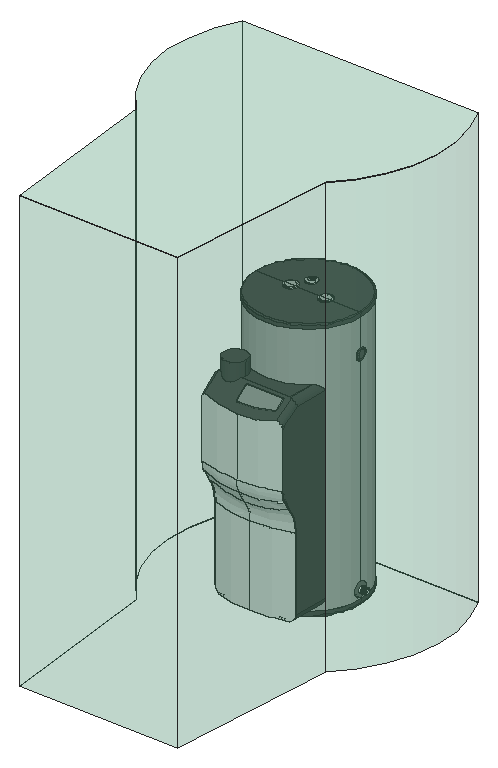
Revit family "Innovo  BENL_IR 32 380 BENL NAT", category Mechanical Equipment, Revit 2015
Parameters (values of type "IR-32-380 BENL NAT")
  Werkruimte Radius = Diameter + 170 mm  # 780 mm
  Werkruimte Hoogte = Hoogte + 1000 mm  # 2545 mm
  Werkruimte Afstand Voor = 1000 mm
  Werkruimte [instance] = yes
  Voorzorgsmaatregelen tijdens montage, installatie of onderhoud = "zie Gebruikers, Installatie, Service en Onderhouds handleiding"  # constant formula
  Voltage = 230 V  # constant formula
  Verpakkingslengte = 946 mm  # constant formula
  Verpakkingshoogte = 1695 mm
  Verpakkingsbreedte = 786 mm  # constant formula
  Uitsluitend werkend in daluren = no
  Uitschakeldruk LDS < = "210"
  Type aanduiding = "IR-32-245"
  Transportgewicht = 136 kg
  Totaal Gewicht = 381 kg
  Stilstandsverlies - dagelijks (24u) = 0 W
  Stilstandsverlies = 0 W
  Standaard Afgesteld op = "G20/G25"
  Stand Regelthermostaat = 65 °C  # constant formula
  Soort Verpakking = "Karton en Hout"  # constant formula
  Slimme controlefunctie = no
  Setpoint thermostaat = 65 °C  # constant formula
  Seizoens Rendement (Hs) = [Rendement (Hs, vlgs. NEN-EN 89 - 1999)]  # 95
  Rendement (Hs, vlgs. NEN-EN 89 - 1999) = 95
  Rendement (Hi, vlgs. NEN-EN 89 - 1999) = 106
  Produktspecificaties Link = ""
  Produkthandleiding Link = ""
  Produkt Model Nummer (EAN-nummer) = "8717449286255"
  Onderhoudsinterval = "12 maanden"  # constant formula
  Nominale Belasting (Onderwaarde) = "29000.0/24100.0"
  Nominale Belasting (Bovenwaarde) = "32200.0/26800.0"
  Nominaal Vermogen = "30700.0/25600.0"
  NOx-uitstoot mg/kWh = "37.0/27.0"
  NOx-uitstoot (lucht vrij, 0% O2) ppm = "24.0/17.0"
  Min. Stand Regelthermostaat = 40 °C  # constant formula
  Max. Werkdruk = 800000.0 Pa
  Max. Stand Regelthermostaat = 85 °C  # constant formula
  Max. Rookgastemperatuur = 65 °C
  Ledig Gewicht = 120 kg
  Kraan Hoogte 02 = if(and(Hoogte = 1745 mm, Diameter = 675 mm), 1518 mm, if(and(Hoogte = 1745 mm, Diameter = 610 mm), 1534 mm, if(Hoogte = 1545 mm, 1328 mm, 1070 mm)))  # 1328 mm
  Kraan Hoogte 01 = if(and(Diameter > 560 mm), 693 mm, 604 mm)  # 693 mm
  URL = "www.aosmith.be"
  Tapcapaciteit bij ΔT = 70°C  na 90 min. = 710.0 L
  Tapcapaciteit bij ΔT = 70°C  na 60 min. = 520.0 L
  Tapcapaciteit bij ΔT = 70°C  na 30 min. = 330.0 L
  Tapcapaciteit bij ΔT = 70°C  na 120 min. = 900.0 L
  Tapcapaciteit bij ΔT = 55°C  na 90 min. = 930.0 L
  Tapcapaciteit bij ΔT = 55°C  na 60 min. = 690.0 L
  Tapcapaciteit bij ΔT = 55°C  na 30 min. = 440.0 L
  Tapcapaciteit bij ΔT = 55°C  na 120 min. = 1200.0 L
  Tapcapaciteit bij ΔT = 50°C  na 90 min. = 1100.0 L
  Tapcapaciteit bij ΔT = 50°C  na 60 min. = 760.0 L
  Tapcapaciteit bij ΔT = 50°C  na 30 min. = 500.0 L
  Tapcapaciteit bij ΔT = 50°C na 120 min. = 1300.0 L
  Tapcapaciteit bij ΔT = 44°C na 120 min. = 1200.0 L
  Tapcapaciteit bij ΔT = 44°C  na 90 min. = 870.0 L
  Tapcapaciteit bij ΔT = 44°C  na 60 min. = 570.0 L
  Tapcapaciteit bij ΔT = 44°C  na 30 min. = 1500.0 L
  Tapcapaciteit bij ΔT = 28°C na 90 min. = 1900.0 L
  Tapcapaciteit bij ΔT = 28°C na 60 min. = 1400.0 L
  Tapcapaciteit bij ΔT = 28°C na 30 min. = 930.0 L
  Tapcapaciteit bij ΔT = 28°C na 120 min. = 2400.0 L
  Tapcapaciteit Continu bij ΔT = 70°C = 380.0 L/s
  Tapcapaciteit Continu bij ΔT = 55°C = 480.0 L/s
  Tapcapaciteit Continu bij ΔT = 50°C = 530.0 L/s
  Tapcapaciteit Continu bij ΔT = 44°C = 600.0 L/s
  Tapcapaciteit Continu bij ΔT = 28°C = 960.0 L/s
  Opwarmtijd bij ΔT = 70°C = "31"
  Opwarmtijd bij ΔT = 55°C = "24"
  Opwarmtijd bij ΔT = 50°C = "22"
  Opwarmtijd bij ΔT = 44°C = "20"
  Opwarmtijd bij ΔT = 28°C = "13"
  Model = "IR-32-325 BENL NAT"
  Manufacturer = "A.O. Smith Water Products Company b.v."  # constant formula
  Length = 780 mm  # constant formula
  Jaarlijks elektriciteitsverbruik (2) = "-"
  Jaarlijks elektriciteitsverbruik (1) = "44 kWh"
  Jaarlijks brandstofverbruik (2) = "-"
  Jaarlijks brandstofverbruik (1) = "21 GJ GCV"
  Isolatiedikte = 44 mm
  Installatie Typen = "B23/C13/C33/C43/C53/C63"  # constant formula
  Inhoud = 245.0 L
  Hoogte Warm Water Uitlaat = 1545 mm
  Hoogte Rookgasafvoer = 1345 mm
  Hoogte Lucht Inlaat = 1345 mm
  Hoogte Koud Water Inlaat = 170 mm
  Hoogte Gas Aansluiting = 920 mm
  Hoogte = 1545 mm
  Handelsmerk = "A.O. Smith"  # constant formula
  Geluidsniveau dB (A) = "<45"  # constant formula
  Geluidsniveau binnen = "58 dB"
  Gasverbruik - Volume ltr/hr = "3.10/3.00"
  Gasverbruik - Massa kg/h = "n.v.t."
  Gascategorie = "I2E(S)B"  # constant formula
  Gas Voordruk = "2000/2500 Pa"
  Gas Aansluiting = 15"  # constant formula
  Garrantie op Tank = "36 maanden"  # constant formula
  Garrantie op Onderdelen = "12 maanden"  # constant formula
  Frequentie = 50 Hz  # constant formula
  Fase = 1
  Fabrikantnummer = "E 7110"  # constant formula
  Energie-efficiëntieklasse voor waterverwarming (2) = "-"
  Energie-efficiëntieklasse voor waterverwarming (1) = "A"  # constant formula
  Energie-efficiëntie voor waterverwarming (2) = "-"
  Energie-efficiëntie voor waterverwarming (1) = "92%"
  Elektrisch Vermogen (piek) = 105 W
  Elektrisch Vermogen (nominaal) = 85 W
  Diameter Schoorsteen - parallel systeem = "2x80"  # constant formula
  Diameter Schoorsteen - concentrisch systeem = "80/125 mm/mm"  # constant formula
  Diameter Schoorsteen - boiler = "80/125 mm/mm"  # constant formula
  Diameter = 610 mm
  Description = "Condenserende Hoog Rendementsboiler"  # constant formula
  Created By = "http://www.cadcompany.nl/"
  Capaciteitsprofiel = "XXL"
  CO2-uitstoot (tol. +/- 1.0) vol% = "9.3/7.5"
  CE-PIN = "0063CQ3037"  # constant formula
  Breedte = Diameter  # 610 mm
  Bestemming / Land = "BelgIë"  # constant formula
  BIM Content Developer = "CAD & Company"  # constant formula
  Assembly Code = "D3010"
  Ander capaciteitsprofiel = "-"
  Aansluiting Warm Water = 1"
  Aansluiting T&P = 1"
  Aansluiting Koud Water = 3/4"  # constant formula
  Aansluiting Condensafvoer = 40 mm  # constant formula
  Aansluiting Aftapkraan = 3/4"  # constant formula
  2e Onderhoud (algeheel onderhoud) = "12 maanden na installatie"  # constant formula
  1e Onderhoud (check-up) = "3 maanden na installatie"  # constant formula
Reference planes
  plane 1 "Center (Front/Back)": y = 0
  plane 2: z = 0
  plane 3 "Center (Left/Right)": x = 0
  plane 4 "Pipe": through (-383.901, 912.349, 194.799) normal (-0.0879, -0.0879, 0.9923)
  plane 5 "footing": y = 118.925
  plane 6 "footing front": y = -237.85
  plane 7: x = -305
  plane 8: x = 305
  plane 9: z = 1545
Forms (mm)
  Revolve 1, solid, material "RAL 9005", detail levels medium+fine
    sketch origin (0, -237.85, 0) x (-1, 0, 0) y (0, 0, 1)
      loop
        line (0, 28.9) -> (-15, 28.9) -> (-15, 26.4) -> (-8.671, 26.4) -> (-8.671, 18) -> (-5.686, 18) -> (-6.626, 17.06) -> (-6.626, 12.06) -> (-8.671, 12.06) -> (-8.671, 10) -> (-10.031, 10) -> (-23.271, 5.181)
        arc (-23.271, 5.181) -> (-23.763, 4.836) -> (-24.017, 4.293) r 1.159
        line (-24.017, 4.293) -> (-24.017, 1.03)
        arc (-24.017, 1.03) -> (-23.715, 0.302) -> (-22.986, 0) r 1.03
        line (-22.986, 0) -> (0, 0) -> (0, 28.9)
      axis (0, 28.9) -> (0, 0)
    angle from 0 to 360
  Revolve 2, solid, material "RAL 9005", detail levels medium+fine
    sketch origin (0, 118.925, 0) x (-1, 0, 0) y (0, 0, 1)
      loop
        line (-205.984, 28.9) -> (-220.984, 28.9) -> (-220.984, 26.4) -> (-214.655, 26.4) -> (-214.655, 18) -> (-211.67, 18) -> (-212.61, 17.06) -> (-212.61, 12.06) -> (-214.655, 12.06) -> (-214.655, 10) -> (-216.015, 10) -> (-229.256, 5.181)
        arc (-229.256, 5.181) -> (-229.747, 4.836) -> (-230.001, 4.293) r 1.159
        line (-230.001, 4.293) -> (-230.001, 1.03)
        arc (-230.001, 1.03) -> (-229.699, 0.302) -> (-228.971, 0) r 1.03
        line (-228.971, 0) -> (-205.984, 0) -> (-205.984, 28.9)
      axis (-205.984, 28.9) -> (-205.984, 0)
    angle from 0 to 360
  Revolve 3, solid, material "RAL 9005", detail levels medium+fine
    sketch origin (0, 118.925, 0) x (-1, 0, 0) y (0, 0, 1)
      loop
        line (204.016, 28.9) -> (189.016, 28.9) -> (189.016, 26.4) -> (195.345, 26.4) -> (195.345, 18) -> (198.33, 18) -> (197.39, 17.06) -> (197.39, 12.06) -> (195.345, 12.06) -> (195.345, 10) -> (193.985, 10) -> (180.744, 5.181)
        arc (180.744, 5.181) -> (180.253, 4.836) -> (179.999, 4.293) r 1.159
        line (179.999, 4.293) -> (179.999, 1.03)
        arc (179.999, 1.03) -> (180.301, 0.302) -> (181.029, 0) r 1.03
        line (181.029, 0) -> (204.016, 0) -> (204.016, 28.9)
      axis (204.016, 28.9) -> (204.016, 0)
    angle from 0 to 360
Lines and regions (mm)
  symbolic lines
    curve 1: line (0, 280.06, 0) -> (0, -280.06, 0)
    curve 2: line (-280.06, 0, 0) -> (280.06, 0, 0)
  symbolic lines, style "Workspace"
    curve 3: line (681.142, 380.06, 0) -> (-681.142, 380.06, 0)
    curve 4: arc (-681.142, 380.06, 0) -> (-777.325, -64.546, 0) -> (-609.127, -487.2, 0) r 780
    curve 5: line (-609.127, -487.2, 0) -> (-421.783, -1517.825, 0)
    curve 6: line (-421.783, -1517.825, 0) -> (424.03, -1517.825, 0)
    curve 7: line (424.03, -1517.825, 0) -> (611.027, -484.816, 0)
    curve 8: arc (611.027, -484.816, 0) -> (777.449, -63.027, 0) -> (681.142, 380.06, 0) r 780
Dimensions and locks
  plane 5 "footing" to plane 1 "Center (Front/Back)" = 118.925 mm
  plane 1 "Center (Front/Back)" to plane 6 "footing front" = 237.85 mm
  "Diameter": plane 7 to plane 8
  equal spacing: plane 7, plane 3 "Center (Left/Right)", plane 8
  "Hoogte": plane 9 to plane 2
  "Werkruimte Afstand Voor": curve 6 to nested 3
  "Werkruimte Radius": radius of curve 4
  "Werkruimte Radius": radius of curve 8
  aligned and locked: level to plane 2
  aligned and locked: nested 3 to Revolve 1 sketch curve
  aligned and locked: plane 3 "Center (Left/Right)" to Revolve 1 sketch curve
  aligned and locked: nested 3 to plane 1 "Center (Front/Back)"
  aligned and locked: plane 3 "Center (Left/Right)" to nested 3
  aligned and locked: nested 1 to plane 8
  aligned and locked: nested 5 to plane 8
  aligned and locked: nested 2 to plane 7
  aligned and locked: nested 4 to plane 7
  aligned and locked: nested 7 to plane 7
  aligned and locked: nested 8 to plane 3 "Center (Left/Right)"
  aligned and locked: nested 8 to nested 3
  aligned and locked: curve 3 to nested 8
Automatic sketch dimensions
  Revolve 1 sketch curve to level = 0 mm
  plane 3 "Center (Left/Right)" to Revolve 1 sketch curve = 5.686 mm
  Revolve 1 sketch curve to Revolve 1 sketch curve = 0.94 mm  (x2)
  Revolve 1 sketch curve to Revolve 1 sketch curve = 2.046 mm  (x2)
  Revolve 1 sketch curve to Revolve 1 sketch curve = 1.359 mm
  Revolve 1 sketch curve to Revolve 1 sketch curve = 6.329 mm
  level to Revolve 1 sketch curve = 4.091 mm
  Revolve 1 sketch curve to Revolve 1 sketch curve = 12.844 mm
  level to Revolve 1 sketch curve = 1.03 mm
  Revolve 1 sketch curve to Revolve 1 sketch curve = 0.111 mm
  level to Revolve 1 sketch curve = 5.181 mm
  Revolve 1 sketch curve to Revolve 1 sketch curve = 0.745 mm
  level to Revolve 1 sketch curve = 10 mm
  Revolve 1 sketch curve to Revolve 1 sketch curve = 2.06 mm
  Revolve 1 sketch curve to Revolve 1 sketch curve = 5 mm
  Revolve 1 sketch curve to Revolve 1 sketch curve = 8.4 mm
  Revolve 1 sketch curve to Revolve 1 sketch curve = 2.5 mm
  Revolve 1 sketch curve to level = 19.635 mm
  Revolve 1 sketch curve to Revolve 1 sketch curve = 46.465 mm
  Revolve 2 sketch curve to level = 0 mm
  level to Revolve 2 sketch curve = 1.03 mm
  Revolve 2 sketch curve to plane 8 = 74.999 mm
  level to Revolve 2 sketch curve = 5.181 mm
  Revolve 2 sketch curve to Revolve 2 sketch curve = 0.745 mm
  Revolve 2 sketch curve to Revolve 2 sketch curve = 0.397 mm
  Revolve 2 sketch curve to Revolve 2 sketch curve = 8.271 mm
  Revolve 2 sketch curve to Revolve 2 sketch curve = 13.241 mm
  Revolve 2 sketch curve to Revolve 2 sketch curve = 1.359 mm
  Revolve 2 sketch curve to Revolve 2 sketch curve = 6.329 mm
  Revolve 2 sketch curve to Revolve 2 sketch curve = 2.046 mm
  level to Revolve 2 sketch curve = 18 mm
  Revolve 2 sketch curve to Revolve 2 sketch curve = 0.94 mm  (x2)
  Revolve 2 sketch curve to Revolve 2 sketch curve = 8.671 mm
  Revolve 2 sketch curve to Revolve 2 sketch curve = 1.089 mm
  Revolve 2 sketch curve to Revolve 2 sketch curve = 8 mm
  Revolve 2 sketch curve to Revolve 2 sketch curve = 2.06 mm
  Revolve 2 sketch curve to Revolve 2 sketch curve = 8.4 mm
  Revolve 2 sketch curve to Revolve 2 sketch curve = 2.5 mm
  Revolve 2 sketch curve to Revolve 2 sketch curve = 0 mm
  Revolve 2 sketch curve to level = 19.635 mm
  Revolve 2 sketch curve to Revolve 2 sketch curve = 46.465 mm
  Revolve 3 sketch curve to level = 0 mm
  level to Revolve 3 sketch curve = 1.03 mm
  Revolve 3 sketch curve to plane 7 = 125.001 mm
  level to Revolve 3 sketch curve = 5.181 mm
  Revolve 3 sketch curve to Revolve 3 sketch curve = 0.745 mm
  Revolve 3 sketch curve to Revolve 3 sketch curve = 0.397 mm
  Revolve 3 sketch curve to Revolve 3 sketch curve = 8.271 mm
  Revolve 3 sketch curve to Revolve 3 sketch curve = 13.241 mm
  Revolve 3 sketch curve to Revolve 3 sketch curve = 1.359 mm
  Revolve 3 sketch curve to Revolve 3 sketch curve = 6.329 mm
  Revolve 3 sketch curve to Revolve 3 sketch curve = 2.046 mm
  level to Revolve 3 sketch curve = 18 mm
  Revolve 3 sketch curve to Revolve 3 sketch curve = 0.94 mm  (x2)
  Revolve 3 sketch curve to Revolve 3 sketch curve = 8.671 mm
  Revolve 3 sketch curve to Revolve 3 sketch curve = 1.089 mm
  Revolve 3 sketch curve to Revolve 3 sketch curve = 8 mm
  Revolve 3 sketch curve to Revolve 3 sketch curve = 2.06 mm
  Revolve 3 sketch curve to Revolve 3 sketch curve = 8.4 mm
  Revolve 3 sketch curve to Revolve 3 sketch curve = 2.5 mm
  Revolve 3 sketch curve to Revolve 3 sketch curve = 0 mm
  Revolve 3 sketch curve to level = 19.635 mm
  Revolve 3 sketch curve to Revolve 3 sketch curve = 46.465 mm
  curve 4 to curve 8 = 0 mm  (x2)
  plane 1 "Center (Front/Back)" to curve 2 = 0 mm
  curve 1 to plane 3 "Center (Left/Right)" = 0 mm
  plane 1 "Center (Front/Back)" to curve 4 = 0 mm
  curve 4 to plane 3 "Center (Left/Right)" = 0 mm
  curve 5 to plane 6 "footing front" = 249.35 mm
  plane 7 to curve 5 = 116.783 mm
  plane 8 to curve 7 = 119.03 mm
  curve 7 to plane 6 "footing front" = 246.966 mm
  curve 2 to plane 7 = 24.94 mm
  curve 2 to plane 8 = 24.94 mm
  curve 1 to plane 6 "footing front" = 42.21 mm
  plane 5 "footing" to curve 1 = 161.135 mm
Nested families
  nested 1: "Valve" at (305, -0.38, 1328) x (0, 1, 0) z (0, 0, 1), built-in parameter 1001364 <- "Kraan Hoogte 02", type "Valve"
  nested 2: "Drain Valve" at (-305, 0, 1328), built-in parameter 1001364 <- "Kraan Hoogte 02", type "Drain Valve"
  nested 3: "Housing Mother Housing S 57 (external)" at (0, -299.886, 0), type "Housing Mother_Housing S_57"
    with radius 305 mm, distance to boiler center 154 mm, diameter 610 mm
  nested 4: "Drain Valve" at (-305, 0, 177), type "Drain Valve"
  nested 5: "Drain Valve" at (305, 0, 107) x (-1, 0, 0) z (0, 0, 1), type "Drain Valve"
  nested 6: "Boiler" at (0, 0, 0), height <- "Hoogte", type "Boiler"
    with height 1545 mm, radius 305 mm, Diameter 610 mm
  nested 7: "Drain Valve" at (-305, 0, 693), built-in parameter 1001364 <- "Kraan Hoogte 01", type "Drain Valve"
  nested 8: "Innovo_workspace" at (0, 0, 0), Workspace <- "Werkruimte", Workspace Distance Front <- "Werkruimte Afstand Voor", Workspace Height <- "Werkruimte Hoogte", Workspace Radius <- "Werkruimte Radius", type "Workspace"
    with Workspace Radius 780 mm, Workspace Height 2545 mm, Workspace Distance Front 1000 mm, Workspace yes, Center to Front 517.825 mm
Connectors
  piping at (339.826, 0, 107), diameter 19.05, driven by "Aansluiting Aftapkraan"
    settings: on nested 5, index 1, connector inside diameter 24", connector length 0 mm, flow factor 0, pipe flow 0.0 L/s, pressure drop 0.0 Pa, fitting loss kfactor 0, connector angle 0.00°, fixture units 0, engagement length 0 mm, angle of deflection 0.00°, flow configuration 0, flow direction 0, fitting loss method 0, system type 19, joint type 0, gender type 0, connector reference index -1, connector utility 0, adjustable connector no, is connector primary yes, connector description ""
  hvac at (-147.013, -346.326, 1310.674)
    settings: on nested 3, index 2, duct flow 0.0 L/s, flow factor 0, pres drop 0.0 Pa, loss coef 0, conn angle 0.00°, conn width 304.8 mm, conn height 304.8 mm, conn diameter 125 mm, duct sys type 4, conn prof type 0, flow config 0, flow direction 0, loss method 0, conn ref index -1, conn util no, is conn primary yes, conn desc ""
Definition of nested family "Valve"
  Parameters (values of type "Valve")
    Type Comments = "T&P valve (internal)"
    Manufacturer = "A.O. Smith"
  Reference planes
    plane 1 "Center (Front/Back)": y = 0
    plane 2: z = 0
    plane 3 "Center (Left/Right)": x = 0
  Forms (mm)
    Extrusion 1, solid, detail levels fine
      sketch origin (0, 0, 0) x (1, 0, 0) y (0, 0, 1)
        loop
          circle (0, 0) r 31.5
      from -2.271 to 1.4
    Sweep 2, solid, detail levels fine
      path origin (0, -1.4, 0) x (1, 0, 0) y (0, 0, 1)
        loop
          circle (0, 0) r 31.5
      profile origin (0, -1.4, 31.5) x (0, 0, -1) y (0, -1, 0)
        loop
          line (7.3, 0) -> (7.3, 3) -> (0, 0) -> (7.3, 0)
  Dimensions and locks
    aligned and locked: level to plane 2
Definition of nested family "Drain Valve"
  Reference planes
    plane 1 "Center (Front/Back)": y = 0
    plane 2: z = 0
    plane 3 "Center (Left/Right)": x = 0
  Forms (mm)
    Revolve 1, solid, detail levels medium+fine
      sketch origin (0, 0, 0) x (1, 0, 0) y (0, 0, 1)
        loop
          line (-33.442, 15.696) -> (-34.826, 14.329) -> (-34.93, 12.731) -> (-16.555, 12.731) -> (-16.555, 0) -> (15.787, 0) -> (15.787, 18.3) -> (-14.4, 18.3) -> (-17.148, 15.533) -> (-18.729, 16.697) -> (-20.091, 15.333) -> (-21.672, 16.496) -> (-23.034, 15.133) -> (-24.614, 16.296) -> (-25.976, 14.932) -> (-27.557, 16.096) -> (-28.919, 14.732) -> (-30.5, 15.896) -> (-31.862, 14.532) -> (-33.442, 15.696)
        axis (-34.93, 0) -> (15.787, 0)
      angle from 0 to 360
  Dimensions and locks
    aligned and locked: level to plane 2
  Nested families
    nested 1: "Rubber sealing" at (2.592, -0.155, 0) x (0.0023, -1, 0) z (0, 0, 1), type "Rubber sealing", detail levels fine
  Definition of nested family "Rubber sealing"
    Reference planes
      plane 1 "Center (Front/Back)": y = 0
      plane 2: z = 0
      plane 3 "Center (Left/Right)": x = 0
    Forms (mm)
      Extrusion 1, solid, detail levels fine
        sketch origin (141.861, 319.581, 0) x (1, 0, 0) y (0, 1, 0)
          loop
            line (-216.354, -311.898) -> (-216.354, -313.94)
            arc (-216.354, -313.94) -> (-141.602, -321.581) -> (-66.861, -313.835) r 366.966
            line (-66.861, -313.835) -> (-66.861, -311.791)
            arc (-66.861, -311.791) -> (-141.602, -319.581) -> (-216.354, -311.898) r 364.966
        from -80 to 80
      Extrusion 2, void
        sketch origin (141.861, 319.581, 0) x (1, 0, 0) y (0, 0, 1)
          loop
            circle (-141.861, 0) r 13
          loop
            circle (-141.861, 0) r 110
          loop
            circle (-141.861, 0) r 40
        from 311.563 to 332.684
      Extrusion 3, void
        sketch origin (141.861, 319.581, 0) x (1, 0, 0) y (0, 0, 1)
          loop
            circle (-141.861, 0) r 18.25
        from 315.524 to 326.084
    Cuts and joins
      Extrusion 2, Extrusion 3 cuts Extrusion 1
    Dimensions and locks
      aligned and locked: level to plane 2
Definition of nested family "Housing Mother Housing S 57 (external)"
  Parameters (values of type "Housing Mother_Housing S_57")
    radius [instance] = 280 mm
    distance to boiler center = if(diameter = 675 mm, 189 mm, if(diameter = 610 mm, 154 mm, 129 mm))  # 129 mm
    diameter = 560 mm
  Reference planes
    plane 1 "Center (Front/Back)": y = 0
    plane 2: z = 0
    plane 3 "Center (Left/Right)": x = 0
    plane 4 "left": through (-245.286, 145.886, 1200) normal (0.9994, 0.0349, 0)
    plane 5: y = -217.939
    plane 6: y = 145.886
    plane 7: z = 1232.6
    plane 8: z = 65.89
    plane 9 "right": through (245.286, 145.886, 1200) normal (0.9994, -0.0349, 0)
    plane 10 "display": through (0, -90.37, 1221.196) normal (0, -0.5736, 0.8192)
    plane 11 "Potentiostat": z = 867.899
    plane 12 "boiler center": y = 274.886
    plane 13: x = -280
    plane 14: x = 280
  Forms (mm)
    Extrusion 1, solid
      sketch origin (0, 0, 0) x (1, 0, 0) y (0, 1, 0)
        loop
          line (-245.286, 145.886) -> (-232.581, -217.939) -> (232.581, -217.939) -> (245.286, 145.886)
          arc (245.286, 145.886) -> (0, 0.923) -> (-245.286, 145.886) r 280
      from 0 to 1232.6
    Sweep 2, void
      path origin (0, 0, 0) x (0, 1, 0) y (0, 0, 1)
        loop
          line (-217.939, 1232.6) -> (-217.939, 795.555)
          arc (-217.939, 795.555) -> (-212.387, 754.285) -> (-197.694, 715.322) r 183.924
          arc (-197.694, 715.322) -> (-179.915, 684.628) -> (-159.106, 655.901) r 348.284
          arc (-159.106, 655.901) -> (-131.411, 600.328) -> (-121.88, 538.973) r 202.254
          line (-121.88, 538.973) -> (-121.88, 61.106)
      profile origin (0, -217.939, 1014.077) x (1, 0, 0) y (0, 1, 0)
        loop
          arc (0, 0) -> (-117.533, 9.941) -> (-231.728, 39.475) r 699.984
          arc (-231.728, 39.475) -> (-233.391, 40.705) -> (-234.07, 42.659) r 3.505
          line (-234.07, 42.659) -> (-254.062, 42.659) -> (-254.062, -142.593) -> (254.07, -142.593) -> (254.07, 42.659) -> (234.07, 42.659)
          arc (234.07, 42.659) -> (233.391, 40.705) -> (231.728, 39.475) r 3.505
          arc (231.728, 39.475) -> (117.533, 9.941) -> (0, 0) r 699.984
    Extrusion 3, void
      sketch origin (0, 0, 0) x (0, 1, 0) y (0, 0, 1)
        loop
          arc (102.864, 70.869) -> (99.804, 70.709) -> (96.874, 69.813) r 12.57
          arc (96.874, 69.813) -> (87.878, 66.533) -> (78.516, 64.529) r 69.114
          arc (78.516, 64.529) -> (76.41, 64.284) -> (74.294, 64.148) r 41.206
          arc (74.294, 64.148) -> (65.203, 64.335) -> (56.122, 64.782) r 318.661
          arc (56.122, 64.782) -> (30.585, 66.179) -> (5.028, 67.128) r 1456.581
          line (5.028, 67.128) -> (-84.534, 73.135)
          arc (-84.534, 73.135) -> (-86.363, 73.808) -> (-87.536, 75.365) r 3.455
          line (-87.536, 75.365) -> (-264.473, 75.365) -> (-264.473, 0) -> (160.886, 0) -> (160.886, 103.945) -> (145.886, 103.945)
          arc (145.886, 103.945) -> (145.104, 97.827) -> (142.923, 92.059) r 26.364
          arc (142.923, 92.059) -> (141.067, 88.936) -> (138.867, 86.045) r 31.715
          arc (138.867, 86.045) -> (135.576, 82.49) -> (132.021, 79.2) r 62.615
          arc (132.021, 79.2) -> (125.841, 74.697) -> (119.091, 71.103) r 54.444
          arc (119.091, 71.103) -> (116.371, 70.272) -> (113.531, 70.123) r 11.669
          line (113.531, 70.123) -> (102.864, 70.869)
      from -254.062 to 254.07
    Sweep 4, void
      path origin (0, 0, 0) x (1, 0, 0) y (0, 1, 0)
        loop
          line (-245.286, 145.886) -> (-232.581, -217.939)
      profile origin (-238.933, -36.027, 0) x (0.999391, 0.034899, 0) y (0, 0, 1)
        loop
          line (-4.454, 0) -> (47.084, 0) -> (47.084, 73.431)
          arc (47.084, 73.431) -> (14.222, 85.134) -> (0.255, 117.1) r 43.922
          line (0.255, 117.1) -> (-4.454, 117.1) -> (-4.454, 0)
    Sweep 5, void
      path origin (0, 0, 0) x (-1, 0, 0) y (0, 1, 0)
        loop
          line (-245.286, 145.886) -> (-232.581, -217.939)
      profile origin (238.933, -36.027, 0) x (0.999391, -0.034899, 0) y (0, 0, 1)
        loop
          line (4.454, 0) -> (4.454, 117.1) -> (-0.255, 117.1)
          arc (-0.255, 117.1) -> (-14.222, 85.134) -> (-47.084, 73.431) r 43.922
          line (-47.084, 73.431) -> (-47.084, 0) -> (4.454, 0)
    Sweep 6, void
      path origin (-239.899, -8.377, 0) x (-0.034899, 0.999391, 0) y (0, 0, 1)
        loop
          line (-209.69, 1141.272) -> (-79.18, 1232.6) -> (154.358, 1232.6)
      profile origin (-241.211, 29.188, 1232.6) x (0, 0, 1) y (0.999391, 0.034899, 0)
        loop
          line (-45, -30) -> (75, -30) -> (75, 0) -> (75, 55) -> (2.799, 55) -> (-1.253, 35.128)
          arc (-1.253, 35.128) -> (-16.771, 9.564) -> (-45, -0.308) r 44.287
          line (-45, -0.308) -> (-45, -30)
    Sweep 7, void
      path origin (239.899, -8.377, 0) x (0.034899, 0.999391, 0) y (0, 0, 1)
        loop
          line (-209.69, 1141.272) -> (-79.18, 1232.6) -> (154.358, 1232.6)
      profile origin (241.211, 29.188, 1232.6) x (0, 0, -1) y (-0.999391, 0.034899, 0)
        loop
          line (-75, -25) -> (45, -25) -> (45, -0.308)
          arc (45, -0.308) -> (16.771, 9.564) -> (1.253, 35.128) r 44.287
          line (1.253, 35.128) -> (-2.799, 55) -> (-75, 55) -> (-75, -25)
    Extrusion 8, void
      sketch origin (0, 0, 0) x (0, 1, 0) y (0, 0, 1)
        loop
          line (-270, 1336.099) -> (-270, 1099.081) -> (68.497, 1336.099) -> (-270, 1336.099)
      from -425.038 to 444.42
    Extrusion 9, solid, detail levels medium+fine
      sketch origin (0, 0, 0) x (1, 0, 0) y (0, 1, 0)
        loop
          circle (-147.013, -46.44) r 65
      from 1163.174 to 1310.674
    Extrusion 10, void
      sketch origin (0, -603.506, 861.895) x (0, 0.819152, 0.573576) y (-1, 0, 0)
        loop
          arc (618.322, -173) -> (623.272, -170.95) -> (625.322, -166) r 7
          line (625.322, -166) -> (625.322, 35)
          arc (625.322, 35) -> (623.272, 39.95) -> (618.322, 42) r 7
          line (618.322, 42) -> (535.473, 42)
          arc (535.473, 42) -> (530.688, 40.11) -> (528.488, 35.46) r 7
          arc (528.488, 35.46) -> (531.569, -67.592) -> (554.18, -168.18) r 540
          arc (554.18, -168.18) -> (556.724, -171.668) -> (560.831, -173) r 7
          line (560.831, -173) -> (618.322, -173)
      from 0 to 137.286
    Sweep 11, solid, detail levels fine
      path origin (0, 0, 867.899) x (-1, 0, 0) y (0, -1, 0)
        loop
          line (309.749, -35.617) -> (204.371, -35.617)
          arc (204.371, -35.617) -> (196.509, -34.687) -> (189.082, -31.947) r 33.677
          line (189.082, -31.947) -> (-9.574, 69.274)
      profile origin (-257.06, 35.617, 867.899) x (0, 1, 0) y (0, 0, 1)
        loop
          circle (0, 0) r 7.316
        loop
          circle (0, 0) r 6.465
    Revolve 12, void
      sketch origin (0, 274.886, 0) x (-1, 0, 0) y (0, 0, 1)
        loop
          line (280, 1243.838) -> (0, 1243.838) -> (0, 54.9) -> (280, 54.9) -> (280, 1243.838)
        axis (0, 1243.838) -> (0, 54.9)
      angle from 0 to 360
  Cuts and joins
    Sweep 2, Extrusion 3, Sweep 4, Sweep 5, Sweep 6, Sweep 7, Extrusion 8, Extrusion 10, Revolve 12 cuts Extrusion 1
  Dimensions and locks
    plane 8 to plane 2 = 65.89 mm
    plane 7 to plane 8 = 1166.71 mm
    "distance to boiler center": plane 12 "boiler center" to plane 6
    "diameter": plane 14 to plane 13
    equal spacing: plane 14, plane 3 "Center (Left/Right)", plane 13
    "radius": plane 3 "Center (Left/Right)" to plane 13
    aligned and locked: level to plane 2
    aligned and locked: Extrusion 1 to plane 7
    aligned and locked: Extrusion 1 sketch curve to plane 5
    aligned and locked: Sweep 2 to Extrusion 3
    aligned and locked: Extrusion 3 to Sweep 2  (x2)
    aligned and locked: plane 7 to Sweep 2 sketch curve
    aligned and locked: plane 3 "Center (Left/Right)" to Revolve 12 sketch curve
    aligned and locked: Revolve 12 sketch curve to plane 3 "Center (Left/Right)"
    aligned and locked: plane 13 to Revolve 12 sketch curve
  Automatic sketch dimensions
    Extrusion 1 sketch curve to plane 4 "left" = 0 mm  (x2)
    Extrusion 1 sketch curve to plane 6 = 0 mm  (x2)
    Extrusion 1 sketch curve to plane 3 "Center (Left/Right)" = 0 mm
    Extrusion 1 sketch curve to plane 9 "right" = 0 mm
    plane 6 to Extrusion 1 sketch curve = 135.037 mm
    Sweep 2 sketch curve to plane 5 = 0 mm
    plane 5 to Sweep 2 sketch curve = 106.195 mm
    Sweep 2 sketch curve to plane 5 = 96.059 mm
    plane 1 "Center (Front/Back)" to Sweep 2 sketch curve = 34.053 mm
    plane 11 "Potentiostat" to Sweep 2 sketch curve = 6.417 mm
    Sweep 2 sketch curve to plane 6 = 33.705 mm
    Sweep 2 sketch curve to plane 11 "Potentiostat" = 68.615 mm
    Sweep 2 sketch curve to plane 11 "Potentiostat" = 72.345 mm
    Sweep 2 sketch curve to Sweep 2 sketch curve = 176.349 mm
    Sweep 2 sketch curve to Sweep 2 sketch curve = 0 mm  (x2)
    plane 8 to Sweep 2 sketch curve = 4.784 mm
    Extrusion 3 sketch curve to level = 0 mm
    Extrusion 3 sketch curve to plane 6 = 0 mm
    Extrusion 3 sketch curve to plane 6 = 26.363 mm
    Extrusion 3 sketch curve to Extrusion 3 sketch curve = 4.75 mm
    Extrusion 3 sketch curve to Extrusion 3 sketch curve = 5.179 mm
    Extrusion 3 sketch curve to plane 8 = 4.232 mm
    Extrusion 3 sketch curve to Extrusion 3 sketch curve = 0.814 mm
    Extrusion 3 sketch curve to plane 8 = 4.978 mm
    Extrusion 3 sketch curve to Extrusion 3 sketch curve = 10.667 mm
    Extrusion 3 sketch curve to Extrusion 3 sketch curve = 0.877 mm
    Extrusion 3 sketch curve to Extrusion 3 sketch curve = 17.827 mm
    Extrusion 3 sketch curve to Extrusion 3 sketch curve = 5.646 mm
    Extrusion 3 sketch curve to plane 6 = 69.562 mm
    Extrusion 3 sketch curve to Extrusion 3 sketch curve = 18.6 mm
    Extrusion 3 sketch curve to Extrusion 3 sketch curve = 22.538 mm
    Extrusion 3 sketch curve to plane 8 = 1.238 mm
    Extrusion 3 sketch curve to plane 1 "Center (Front/Back)" = 5.028 mm
    plane 1 "Center (Front/Back)" to Extrusion 3 sketch curve = 36.224 mm
    Extrusion 3 sketch curve to plane 8 = 10.692 mm
    plane 1 "Center (Front/Back)" to Extrusion 3 sketch curve = 84.302 mm
    Extrusion 3 sketch curve to plane 8 = 7.244 mm
    Extrusion 3 sketch curve to Extrusion 3 sketch curve = 0.231 mm
    Extrusion 3 sketch curve to Extrusion 3 sketch curve = 3.234 mm
    plane 5 to Extrusion 3 sketch curve = 46.534 mm
    plane 6 to Extrusion 3 sketch curve = 15 mm
    Extrusion 3 sketch curve to level = 1388.869 mm
    plane 8 to Extrusion 3 sketch curve = 7.561 mm
    Extrusion 3 sketch curve to Extrusion 3 sketch curve = 11.64 mm
    Extrusion 3 sketch curve to plane 8 = 38.054 mm
    Extrusion 3 sketch curve to Extrusion 3 sketch curve = 22.442 mm
    Extrusion 3 sketch curve to plane 8 = 39.432 mm
    Extrusion 3 sketch curve to Extrusion 3 sketch curve = 2.466 mm
    Extrusion 3 sketch curve to Extrusion 3 sketch curve = 14.17 mm
    Extrusion 3 sketch curve to Extrusion 3 sketch curve = 5.925 mm
    Extrusion 3 sketch curve to Extrusion 3 sketch curve = 6.186 mm
    Extrusion 3 sketch curve to Extrusion 3 sketch curve = 249.85 mm
    Extrusion 3 sketch curve to Extrusion 3 sketch curve = 0 mm  (x4)
    Extrusion 3 sketch curve to Extrusion 3 sketch curve = 6.845 mm
    plane 8 to Extrusion 3 sketch curve = 1.743 mm
    Sweep 4 sketch curve to plane 4 "left" = 0 mm  (x2)
    Sweep 4 sketch curve to plane 6 = 0 mm
    plane 5 to Sweep 4 sketch curve = 0 mm
    Sweep 4 sketch curve to level = 0 mm
    profile plane to Sweep 4 sketch curve = 4.454 mm
    Sweep 4 sketch curve to profile plane = 0.255 mm
    Sweep 4 sketch curve to Sweep 4 sketch curve = 43.922 mm
    Sweep 4 sketch curve to profile plane = 47.084 mm
    level to Sweep 4 sketch curve = 73.431 mm
    Sweep 4 sketch curve to Sweep 4 sketch curve = 43.669 mm
    Sweep 5 sketch curve to plane 6 = 0 mm
    Sweep 5 sketch curve to plane 9 "right" = 0 mm  (x2)
    plane 5 to Sweep 5 sketch curve = 0 mm
    Sweep 5 sketch curve to level = 0 mm
    profile plane to Sweep 5 sketch curve = 47.084 mm
    Sweep 5 sketch curve to Sweep 5 sketch curve = 2.907 mm
    profile plane to Sweep 5 sketch curve = 0.255 mm
    Sweep 5 sketch curve to profile plane = 4.454 mm
    level to Sweep 5 sketch curve = 73.431 mm
    Sweep 5 sketch curve to Sweep 5 sketch curve = 43.669 mm
    Sweep 6 sketch curve to plane 7 = 0 mm
    plane 7 to Sweep 6 sketch curve = 91.328 mm
    Sweep 6 sketch curve to Sweep 6 sketch curve = 130.509 mm
    Sweep 6 sketch curve to Sweep 6 sketch curve = 233.538 mm
    Sweep 6 sketch curve to plane 4 "left" = 0 mm
    profile plane to Sweep 6 sketch curve = 45 mm
    Sweep 6 sketch curve to Sweep 6 sketch curve = 0.354 mm
    profile plane to Sweep 6 sketch curve = 1.253 mm
    Sweep 6 sketch curve to profile plane = 2.799 mm
    Sweep 6 sketch curve to Sweep 6 sketch curve = 72.201 mm
    Sweep 6 sketch curve to plane 4 "left" = 0.308 mm
    Sweep 6 sketch curve to Sweep 6 sketch curve = 29.692 mm
    plane 4 "left" to Sweep 6 sketch curve = 35.128 mm
    plane 4 "left" to Sweep 6 sketch curve = 55 mm
    Sweep 7 sketch curve to plane 7 = 0 mm
    Sweep 7 sketch curve to plane 7 = 91.328 mm
    Sweep 7 sketch curve to Sweep 7 sketch curve = 130.509 mm
    Sweep 7 sketch curve to Sweep 7 sketch curve = 233.538 mm
    Sweep 7 sketch curve to plane 9 "right" = 25 mm
    profile plane to Sweep 7 sketch curve = 75 mm
    profile plane to Sweep 7 sketch curve = 2.799 mm
    Sweep 7 sketch curve to profile plane = 1.253 mm
    Sweep 7 sketch curve to Sweep 7 sketch curve = 43.393 mm
    Sweep 7 sketch curve to profile plane = 45 mm
    Sweep 7 sketch curve to plane 9 "right" = 0.308 mm
    plane 9 "right" to Sweep 7 sketch curve = 35.128 mm
    Sweep 7 sketch curve to Sweep 7 sketch curve = 19.872 mm
    plane 5 to Extrusion 8 sketch curve = 52.061 mm
    Extrusion 8 sketch curve to plane 1 "Center (Front/Back)" = 68.497 mm
    plane 7 to Extrusion 8 sketch curve = 133.519 mm
    Extrusion 8 sketch curve to plane 7 = 103.499 mm
    plane 1 "Center (Front/Back)" to Extrusion 9 sketch curve = 46.44 mm
    Extrusion 9 sketch curve to plane 3 "Center (Left/Right)" = 147.013 mm
    Extrusion 10 sketch curve to plane 3 "Center (Left/Right)" = 0 mm
    Extrusion 10 sketch curve to plane 3 "Center (Left/Right)" = 35 mm
    Extrusion 10 sketch curve to Extrusion 10 sketch curve = 25.359 mm
    Extrusion 10 sketch curve to Extrusion 10 sketch curve = 57.491 mm
    Extrusion 10 sketch curve to plane 3 "Center (Left/Right)" = 42 mm
    Extrusion 10 sketch curve to Extrusion 10 sketch curve = 82.85 mm
    Extrusion 10 sketch curve to Extrusion 10 sketch curve = 7 mm
    Extrusion 10 sketch curve to Extrusion 10 sketch curve = 442 mm
    plane 3 "Center (Left/Right)" to Extrusion 10 sketch curve = 166 mm
    Extrusion 10 sketch curve to Extrusion 10 sketch curve = 0 mm  (x2)
    Sweep 11 sketch curve to plane 1 "Center (Front/Back)" = 31.947 mm
    Sweep 11 sketch curve to plane 3 "Center (Left/Right)" = 189.082 mm
    Sweep 11 sketch curve to plane 1 "Center (Front/Back)" = 1.94 mm
    Sweep 11 sketch curve to Sweep 11 sketch curve = 15.289 mm
    plane 3 "Center (Left/Right)" to Sweep 11 sketch curve = 9.574 mm
    Sweep 11 sketch curve to Sweep 11 sketch curve = 105.378 mm
    plane 1 "Center (Front/Back)" to Sweep 11 sketch curve = 69.274 mm
    Sweep 11 sketch curve to Sweep 11 sketch curve = 0 mm  (x2)
    Sweep 11 sketch curve to plane 11 "Potentiostat" = 0 mm
    Sweep 11 sketch curve to profile plane = 0 mm
    plane 8 to Revolve 12 sketch curve = 10.99 mm
    Revolve 12 sketch curve to plane 7 = 11.238 mm
    Revolve 12 sketch curve to level = 366.045 mm
    Revolve 12 sketch curve to Revolve 12 sketch curve = 971.917 mm
    Sweep 2 sketch curve to plane 3 "Center (Left/Right)" = 0 mm
    profile plane to Sweep 2 sketch curve = 0 mm
    Sweep 2 sketch curve to plane 3 "Center (Left/Right)" = 0.016 mm
    Sweep 2 sketch curve to profile plane = 42.782 mm  (x2)
    Sweep 2 sketch curve to plane 3 "Center (Left/Right)" = 230.568 mm
    plane 3 "Center (Left/Right)" to Sweep 2 sketch curve = 0.016 mm
    plane 3 "Center (Left/Right)" to Sweep 2 sketch curve = 230.568 mm
    Sweep 2 sketch curve to Sweep 2 sketch curve = 3.502 mm  (x2)
    Sweep 2 sketch curve to Sweep 2 sketch curve = 20 mm
    profile plane to Sweep 2 sketch curve = 142.593 mm
    Sweep 2 sketch curve to Sweep 2 sketch curve = 0.122 mm  (x2)
    Sweep 2 sketch curve to Sweep 2 sketch curve = 657.203 mm
    Sweep 2 sketch curve to Sweep 2 sketch curve = 19.991 mm
    radius of Extrusion 9 sketch curve = 65 mm
    radius of Sweep 11 sketch curve = 7.316 mm
    radius of Sweep 11 sketch curve = 6.465 mm
  Nested families
    nested 1: "display" at (65.5, -130.939, 1192.79) x (-1, 0, 0) z (0, -0.5736, 0.8192), type "display"
  Definition of nested family "display"
    Parameters (values of type "display")
      Default Elevation = 1219.2 mm
    Reference planes
      plane 1 "Center (Front/Back)": y = 0
      plane 2: z = 0
      plane 3 "Center (Left/Right)": x = 0
    Forms (mm)
      Extrusion 1, solid, detail levels medium+fine
        sketch origin (-16.958, 11.842, -343.878) x (1, 0, 0) y (0, 0, -1)
          loop
            line (-233.523, -343.878) -> (-233.523, -346.592) -> (332.686, -346.592) -> (332.686, -343.878) -> (-233.523, -343.878)
        from -228.7 to 150.822
      Extrusion 2, void
        sketch origin (-16.958, 6.842, -343.878) x (1, 0, 0) y (0, 1, 0)
          loop
            line (-233.523, 155.822) -> (-233.523, -223.7) -> (332.686, -223.7) -> (332.686, 155.822) -> (-233.523, 155.822)
          loop
            arc (-90.542, -48.267) -> (-88.492, -53.216) -> (-83.542, -55.267) r 7
            line (-83.542, -55.267) -> (117.458, -55.267)
            arc (117.458, -55.267) -> (122.408, -53.216) -> (124.458, -48.267) r 7
            line (124.458, -48.267) -> (124.458, 34.583)
            arc (124.458, 34.583) -> (122.568, 39.368) -> (117.918, 41.568) r 7
            arc (117.918, 41.568) -> (14.866, 38.487) -> (-85.722, 15.876) r 540
            arc (-85.722, 15.876) -> (-89.21, 13.332) -> (-90.542, 9.224) r 7
            line (-90.542, 9.224) -> (-90.542, -48.267)
        from 328.878 to 363.083
    Cuts and joins
      Extrusion 2 cuts Extrusion 1
    Dimensions and locks
      aligned and locked: level to plane 2
Definition of nested family "Boiler"
  Parameters (values of type "Boiler")
    radius [instance] = 280 mm
    height [instance] = 1270 mm
    Diameter = 560 mm
  Reference planes
    plane 1 "Center (Front/Back)": y = 0
    plane 2: z = 0
    plane 3 "Center (Left/Right)": x = 0
    plane 4: z = 1243.838
    plane 5: z = 1270
    plane 6 "bottom": z = 28.9
    plane 7: z = 54.9
    plane 8 "top controle": y = 88
    plane 9: x = -280
    plane 10: x = 280
  Forms (mm)
    Revolve 1, solid
      sketch origin (0, 0, 0) x (1, 0, 0) y (0, 0, 1)
        loop
          line (0, 54.9) -> (-280, 54.9) -> (-280, 32.9)
          arc (-280, 32.9) -> (-278.828, 30.072) -> (-276, 28.9) r 4
          line (-276, 28.9) -> (0, 28.9) -> (0, 54.9)
        axis (0, 28.9) -> (0, 54.9)
      angle from 0 to 360
    Revolve 2, solid
      sketch origin (1.311, 0, 0) x (1, 0, 0) y (0, 0, 1)
        loop
          line (-278.86, 1243.838) -> (-278.86, 54.9) -> (-1.311, 54.9) -> (-1.311, 1243.838) -> (-278.86, 1243.838)
        axis (-1.311, 1243.838) -> (-1.311, 54.9)
      angle from 0 to 360
    Revolve 3, solid
      sketch origin (-9.205, 0, 377.212) x (-1, 0, 0) y (0, 0, 1)
        loop
          line (-148.904, 892.788) -> (-110.805, 892.788) -> (-110.805, 895.963) -> (-141.883, 895.963) -> (-148.904, 893.62) -> (-148.904, 892.788)
        axis (-110.805, 892.788) -> (-110.805, 895.963)
      angle from 0 to 360
    Revolve 4, solid
      sketch origin (0, 0, 718.065) x (1, 0, 0) y (0, 0, -1)
        loop
          line (0, -525.773) -> (-280, -525.773) -> (-280, -547.935)
          arc (-280, -547.935) -> (-278.828, -550.763) -> (-276, -551.935) r 4
          line (-276, -551.935) -> (0, -551.935) -> (0, -525.773)
        axis (0, -551.935) -> (0, -525.773)
      angle from 0 to 360
    Revolve 5, solid
      sketch origin (0, 88, 0) x (1, 0, 0) y (0, 0, 1)
        loop
          line (-19.051, 1270) -> (-19.051, 1271.074) -> (-32.63, 1275.604) -> (-32.63, 1271.117) -> (-37.266, 1271.117) -> (-38.383, 1270) -> (-19.051, 1270)
        axis (-50.8, 1270) -> (-50.8, 1275.604)
      angle from 0 to 360
    Revolve 6, solid
      sketch origin (-217.12, 0, 372.245) x (-1, 0, 0) y (0, 0, 1)
        loop
          line (-153.622, 897.755) -> (-115.52, 897.755) -> (-115.52, 900.93) -> (-146.626, 900.93) -> (-153.622, 898.596) -> (-153.622, 897.755)
        axis (-115.52, 897.755) -> (-115.52, 900.93)
      angle from 0 to 360
  Dimensions and locks
    "height": plane 5 to plane 2
    plane 6 "bottom" to plane 2 = 28.9 mm
    locked: plane 5 to plane 4 at 26.162
    locked: plane 1 "Center (Front/Back)" to plane 8 "top controle" at 88
    "Diameter": plane 10 to plane 9
    equal spacing: plane 10, plane 3 "Center (Left/Right)", plane 9
    "radius": plane 3 "Center (Left/Right)" to plane 9
    locked: plane 9 to Revolve 2 sketch curve at 2.452
    aligned and locked: level to plane 2
    aligned and locked: Revolve 2 sketch curve to plane 7
    aligned and locked: Revolve 2 sketch curve to plane 4
    aligned and locked: Revolve 1 sketch curve to plane 7
    aligned and locked: plane 6 "bottom" to Revolve 1 sketch curve
    aligned and locked: Revolve 4 sketch curve to plane 3 "Center (Left/Right)"
    aligned and locked: plane 5 to Revolve 4 sketch curve
    aligned and locked: Revolve 4 sketch curve to plane 4
    aligned and locked: plane 9 to Revolve 4 sketch curve
    aligned and locked: Revolve 1 sketch curve to plane 9
    aligned and locked: Revolve 2 sketch curve to plane 3 "Center (Left/Right)"
    aligned and locked: plane 3 "Center (Left/Right)" to Revolve 2 sketch curve
  Automatic sketch dimensions
    Revolve 1 sketch curve to plane 3 "Center (Left/Right)" = 0 mm  (x2)
    Revolve 1 sketch curve to Revolve 1 sketch curve = 4 mm
    Revolve 1 sketch curve to level = 40 mm
    Revolve 1 sketch curve to Revolve 1 sketch curve = 305.1 mm
    Revolve 2 sketch curve to level = 366.045 mm
    Revolve 2 sketch curve to plane 5 = 945.755 mm
    Revolve 3 sketch curve to plane 5 = 0 mm
    Revolve 3 sketch curve to plane 3 "Center (Left/Right)" = 139.699 mm
    plane 5 to Revolve 3 sketch curve = 3.175 mm
    Revolve 3 sketch curve to Revolve 3 sketch curve = 7.022 mm
    Revolve 3 sketch curve to Revolve 3 sketch curve = 31.078 mm
    Revolve 3 sketch curve to Revolve 3 sketch curve = 0.832 mm
    Revolve 3 sketch curve to Revolve 3 sketch curve = 0 mm
    Revolve 3 sketch curve to Revolve 3 sketch curve = 2.338 mm
    Revolve 3 sketch curve to Revolve 3 sketch curve = 4.487 mm
    Revolve 4 sketch curve to plane 3 "Center (Left/Right)" = 0 mm
    Revolve 4 sketch curve to Revolve 4 sketch curve = 4 mm
    Revolve 4 sketch curve to Revolve 4 sketch curve = 68.738 mm
    Revolve 4 sketch curve to Revolve 4 sketch curve = 305.1 mm
    Revolve 6 sketch curve to plane 5 = 0 mm
    plane 3 "Center (Left/Right)" to Revolve 6 sketch curve = 63.497 mm
    plane 5 to Revolve 6 sketch curve = 3.175 mm
    Revolve 6 sketch curve to Revolve 6 sketch curve = 6.997 mm
    Revolve 6 sketch curve to Revolve 6 sketch curve = 31.106 mm
    Revolve 6 sketch curve to Revolve 6 sketch curve = 0.84 mm
    Revolve 6 sketch curve to Revolve 6 sketch curve = 0 mm
    Revolve 6 sketch curve to Revolve 6 sketch curve = 7.216 mm
    Revolve 6 sketch curve to Revolve 6 sketch curve = 0.391 mm
    Revolve 5 sketch curve to Revolve 5 sketch curve = 13.578 mm
    Revolve 5 sketch curve to Revolve 5 sketch curve = 1.074 mm
    Revolve 5 sketch curve to Revolve 5 sketch curve = 12.417 mm
    Revolve 5 sketch curve to Revolve 5 sketch curve = 5.753 mm
    Revolve 5 sketch curve to plane 5 = 1.117 mm
    Revolve 5 sketch curve to Revolve 5 sketch curve = 1.117 mm
    plane 5 to Revolve 5 sketch curve = 4.396 mm
    Revolve 5 sketch curve to plane 5 = 0 mm
    Revolve 5 sketch curve to Revolve 5 sketch curve = 4.487 mm
    Revolve 5 sketch curve to plane 3 "Center (Left/Right)" = 38.383 mm
    Revolve 5 sketch curve to plane 5 = 5.604 mm
Definition of nested family "Innovo_workspace"
  Parameters (values of type "Workspace")
    Workspace Radius [instance] = 730 mm
    Workspace Height [instance] = 2270 mm
    Workspace Distance Front [instance] = 1000 mm
    Workspace [instance] = yes
    URL = "www.aosmith.nl"
    Model = ""
    Manufacturer = "A.O. Smith Water Products Company b.v."  # constant formula
    Description = ""
    Created By = ""
    Center to Front [instance] = 492.825 mm
    BIM Content Developer = "CAD & Company"  # constant formula
    Assembly Code = ""
  Reference planes
    plane 1 "Center (Front/Back)": y = 0
    plane 2: z = 0
    plane 3 "Center (Left/Right)": x = 0
    plane 4 "Pipe": through (-383.901, 912.349, 194.799) normal (-0.0879, -0.0879, 0.9923)
    plane 5 "front": y = -492.825
  Forms (mm)
    Extrusion 1, solid, visible <- "Workspace"
      sketch origin (0, 0, 0) x (1, 0, 0) y (0, 1, 0)
        loop
          line (456.53, -1492.825) -> (500.201, -531.695)
          arc (500.201, -531.695) -> (723.44, -97.643) -> (623.261, 380.06) r 730
          line (623.261, 380.06) -> (-623.261, 380.06)
          arc (-623.261, 380.06) -> (-723.227, -99.209) -> (-497.893, -533.856) r 730
          line (-497.893, -533.856) -> (-454.283, -1492.825) -> (456.53, -1492.825)
      from 0 to 2270 <- "Workspace Height"
  Lines and regions (mm)
    symbolic lines
      curve 1: line (0, 280.06, 0) -> (0, -280.06, 0)
      curve 2: line (-255.06, 0, 0) -> (255.06, 0, 0)
  Dimensions and locks
    locked: Extrusion 1 sketch curve to curve 1 at 100
    "Workspace Distance Front": plane 5 "front" to Extrusion 1
    "Center to Front": plane 1 "Center (Front/Back)" to plane 5 "front"
    "Workspace Radius": radius of Extrusion 1 sketch curve  (x2)
    aligned and locked: level to plane 2
  Automatic sketch dimensions
    plane 1 "Center (Front/Back)" to curve 2 = 0 mm
    curve 1 to plane 3 "Center (Left/Right)" = 0 mm
    plane 3 "Center (Left/Right)" to curve 2 = 255.06 mm
    curve 1 to plane 1 "Center (Front/Back)" = 280.06 mm
    curve 2 to plane 3 "Center (Left/Right)" = 255.06 mm
    plane 5 "front" to curve 1 = 212.765 mm
    Extrusion 1 sketch curve to Extrusion 1 sketch curve = 0 mm  (x2)
    plane 1 "Center (Front/Back)" to Extrusion 1 sketch curve = 0 mm
    Extrusion 1 sketch curve to plane 3 "Center (Left/Right)" = 0 mm
    Extrusion 1 sketch curve to plane 5 "front" = 41.031 mm
    Extrusion 1 sketch curve to plane 3 "Center (Left/Right)" = 454.283 mm
    plane 3 "Center (Left/Right)" to Extrusion 1 sketch curve = 456.53 mm
    Extrusion 1 sketch curve to plane 5 "front" = 38.869 mm
    Extrusion 1 sketch curve to Extrusion 1 sketch curve = 961.131 mm
